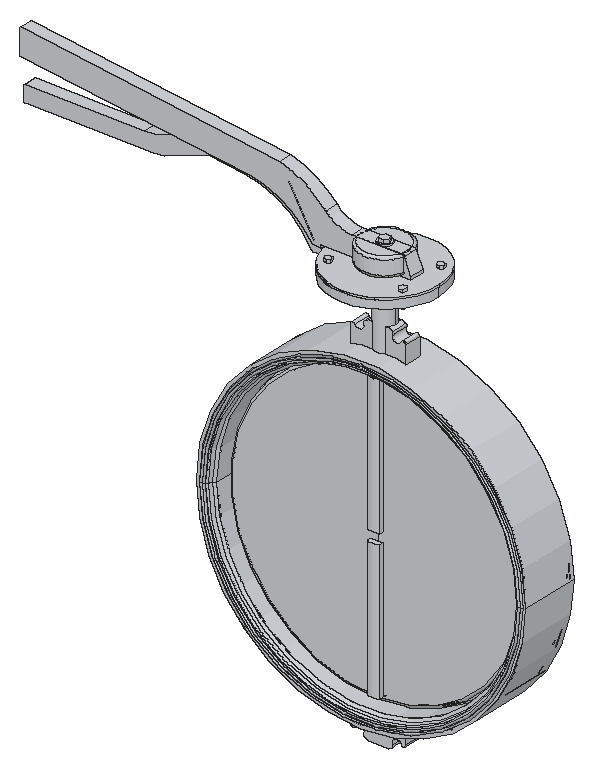
Revit family "R59WY025", category Plumbing Fixtures, Revit 2015
Reference planes
  plane 1 "Center (Front/Back)": y = 0
  plane 2: z = 0
  plane 3 "Center (Left/Right)": x = 0
  plane 4: z = 274
  plane 5: x = -416
  plane 6: z = 376
  plane 7: z = -200
  plane 8: z = -30
  plane 9: z = 304
  plane 10: z = -30
  plane 11: y = -34.488
  plane 12: y = 34.012
  plane 13: x = -28.994
Forms (mm)
  Extrusion 1, solid
    sketch origin (0, 0, 264) x (1, 0, 0) y (0, 1, 0)
      loop
        circle (0, 0) r 62.5
    from 0 to 10
  Extrusion 2, solid
    sketch origin (0, 0, -76.95) x (1, 0, 0) y (0, 1, 0)
      loop
        circle (0, 0) r 12
    from 259.167 to 340.95
  Revolve 3, solid
    sketch origin (0, 0, 0) x (0, 1, 0) y (0, 0, 1)
      loop
        line (-1.078, -174.056) -> (1.078, -174.056) -> (1.078, -173.121)
        arc (1.078, -173.121) -> (1.953, -171.688) -> (3.478, -170.985) r 2.888
        line (3.478, -170.985) -> (6.599, -170.985)
        arc (6.599, -170.985) -> (9.772, -169.243) -> (11.11, -165.88) r 5.351
        line (11.11, -165.88) -> (11.11, 0) -> (-11.11, 0) -> (-11.11, -168.315)
        arc (-11.11, -168.315) -> (-10.328, -170.203) -> (-8.44, -170.985) r 2.67
        line (-8.44, -170.985) -> (-3.478, -170.985)
        arc (-3.478, -170.985) -> (-1.953, -171.688) -> (-1.078, -173.121) r 2.888
        line (-1.078, -173.121) -> (-1.078, -174.056)
      axis (11.11, 0) -> (-11.11, 0)
    angle from 0 to 360
  Blend 4, solid
    base sketch origin (0, 0, -4.163) x (1, 0, 0) y (0, 1, 0)
      loop
        line (-6.883, 16.4) -> (-6.883, -16.4)
        arc (-6.883, -16.4) -> (0, -18.078) -> (6.883, -16.4) r 14.953
        line (6.883, -16.4) -> (6.883, 16.4)
        arc (6.883, 16.4) -> (0, 18.078) -> (-6.883, 16.4) r 14.953
    top sketch origin (0, 0, 0) x (1, 0, 0) y (0, 1, 0)
      loop
        line (-6.883, 16.4) -> (-6.883, -16.4)
        arc (-6.883, -16.4) -> (0, -18.078) -> (6.883, -16.4) r 14.953
        line (6.883, -16.4) -> (6.883, 16.4)
        arc (6.883, 16.4) -> (0, 18.078) -> (-6.883, 16.4) r 14.953
    from 10.163 to 165.579
  Blend 5, solid
    base sketch origin (0, 0, -38.601) x (0, -1, 0) y (1, 0, 0)
      loop
        line (-16.4, -6.883) -> (16.4, -6.883)
        arc (16.4, -6.883) -> (18.078, 0) -> (16.4, 6.883) r 14.953
        line (16.4, 6.883) -> (-16.4, 6.883)
        arc (-16.4, 6.883) -> (-18.078, 0) -> (-16.4, -6.883) r 14.953
    top sketch origin (0, 0, -35.117) x (0, -1, 0) y (1, 0, 0)
      loop
        line (-16.4, -6.883) -> (16.4, -6.883)
        arc (16.4, -6.883) -> (18.078, 0) -> (16.4, 6.883) r 14.953
        line (16.4, 6.883) -> (-16.4, 6.883)
        arc (-16.4, 6.883) -> (-18.078, 0) -> (-16.4, -6.883) r 14.953
    from -127.676 to 29.117
  Extrusion 6, solid
    sketch origin (80.376, -27.447, 276) x (0, -1, 0) y (1, 0, 0)
      loop
        line (3.99, -123.113) -> (0.805, -120.344) -> (-3.184, -121.718) -> (-3.99, -125.86) -> (-0.805, -128.628) -> (3.184, -127.254) -> (3.99, -123.113)
    from 0 to 3
  Extrusion 7, solid
    sketch origin (80.376, -27.447, 256) x (0, -1, 0) y (1, 0, 0)
      loop
        circle (0, -124.486) r 3
    from 2.505 to 20
  Extrusion 8, solid
    sketch origin (80.376, -27.447, 263) x (0, -1, 0) y (1, 0, 0)
      loop
        line (3.99, -123.113) -> (0.805, -120.344) -> (-3.184, -121.718) -> (-3.99, -125.86) -> (-0.805, -128.628) -> (3.184, -127.254) -> (3.99, -123.113)
      loop
        line (-3.444, -125.672) -> (-0.695, -128.061) -> (2.749, -126.876) -> (3.444, -123.301) -> (0.695, -120.911) -> (-2.749, -122.097) -> (-3.444, -125.672)
    from -1.968 to 1
  Extrusion 9, solid, not visible
    sketch origin (26.117, -96.518, 104.233) x (0, -1, 0) y (1, 0, 0)
      loop
        line (3.99, -123.113) -> (0.805, -120.344) -> (-3.184, -121.718) -> (-3.99, -125.86) -> (-0.805, -128.628) -> (3.184, -127.254) -> (3.99, -123.113)
    from 0 to 3
  Extrusion 10, solid, not visible
    sketch origin (26.117, -96.518, 84.233) x (0, -1, 0) y (1, 0, 0)
      loop
        circle (0, -124.486) r 3
    from 2.505 to 20
  Extrusion 11, solid, not visible
    sketch origin (26.117, -96.518, 91.233) x (0, -1, 0) y (1, 0, 0)
      loop
        line (3.99, -123.113) -> (0.805, -120.344) -> (-3.184, -121.718) -> (-3.99, -125.86) -> (-0.805, -128.628) -> (3.184, -127.254) -> (3.99, -123.113)
      loop
        line (-3.444, -125.672) -> (-0.695, -128.061) -> (2.749, -126.876) -> (3.444, -123.301) -> (0.695, -120.911) -> (-2.749, -122.097) -> (-3.444, -125.672)
    from -1.968 to 1
  Extrusion 12, solid
    sketch origin (0, 0, 274) x (1, 0, 0) y (0, 1, 0)
      loop
        circle (0, 0) r 62.5
    from 0 to 2
  Extrusion 13, solid
    sketch origin (80.376, -27.447, 276) x (0, -1, 0) y (1, 0, 0)
      loop
        line (-58.884, -123.113) -> (-58.079, -127.254) -> (-54.09, -128.628) -> (-50.905, -125.86) -> (-51.71, -121.718) -> (-55.7, -120.344) -> (-58.884, -123.113)
    from 0 to 3
  Extrusion 14, solid
    sketch origin (80.376, -27.447, 256) x (0, -1, 0) y (1, 0, 0)
      loop
        circle (-54.895, -124.486) r 3
    from 2.505 to 20
  Extrusion 15, solid
    sketch origin (80.376, -27.447, 263) x (0, -1, 0) y (1, 0, 0)
      loop
        line (-58.884, -123.113) -> (-58.079, -127.254) -> (-54.09, -128.628) -> (-50.905, -125.86) -> (-51.71, -121.718) -> (-55.7, -120.344) -> (-58.884, -123.113)
      loop
        line (-51.451, -125.672) -> (-52.146, -122.097) -> (-55.59, -120.911) -> (-58.339, -123.301) -> (-57.644, -126.876) -> (-54.2, -128.061) -> (-51.451, -125.672)
    from -1.968 to 1
  Extrusion 16, solid
    sketch origin (-81.626, 27.447, 276) x (0, 1, 0) y (-1, 0, 0)
      loop
        line (-58.884, -123.113) -> (-58.079, -127.254) -> (-54.09, -128.628) -> (-50.905, -125.86) -> (-51.71, -121.718) -> (-55.7, -120.344) -> (-58.884, -123.113)
    from 0 to 3
  Extrusion 17, solid
    sketch origin (-81.626, 27.447, 256) x (0, 1, 0) y (-1, 0, 0)
      loop
        circle (-54.895, -124.486) r 3
    from 2.505 to 20
  Extrusion 18, solid
    sketch origin (-81.626, 27.447, 263) x (0, 1, 0) y (-1, 0, 0)
      loop
        line (-58.884, -123.113) -> (-58.079, -127.254) -> (-54.09, -128.628) -> (-50.905, -125.86) -> (-51.71, -121.718) -> (-55.7, -120.344) -> (-58.884, -123.113)
      loop
        line (-51.451, -125.672) -> (-52.146, -122.097) -> (-55.59, -120.911) -> (-58.339, -123.301) -> (-57.644, -126.876) -> (-54.2, -128.061) -> (-51.451, -125.672)
    from -1.968 to 1
  Extrusion 19, solid
    sketch origin (-81.626, 27.447, 276) x (0, 1, 0) y (-1, 0, 0)
      loop
        line (3.99, -123.113) -> (0.805, -120.344) -> (-3.184, -121.718) -> (-3.99, -125.86) -> (-0.805, -128.628) -> (3.184, -127.254) -> (3.99, -123.113)
    from 0 to 3
  Extrusion 20, solid
    sketch origin (-81.626, 27.447, 256) x (0, 1, 0) y (-1, 0, 0)
      loop
        circle (0, -124.486) r 3
    from 2.505 to 20
  Extrusion 21, solid
    sketch origin (-81.626, 27.447, 263) x (0, 1, 0) y (-1, 0, 0)
      loop
        line (3.99, -123.113) -> (0.805, -120.344) -> (-3.184, -121.718) -> (-3.99, -125.86) -> (-0.805, -128.628) -> (3.184, -127.254) -> (3.99, -123.113)
      loop
        line (-3.444, -125.672) -> (-0.695, -128.061) -> (2.749, -126.876) -> (3.444, -123.301) -> (0.695, -120.911) -> (-2.749, -122.097) -> (-3.444, -125.672)
    from -1.968 to 1
  Extrusion 22, solid
    sketch origin (125.063, -27.447, 301.144) x (0, -1, 0) y (1, 0, 0)
      loop
        line (-32.638, -122.069) -> (-32.638, -128.062) -> (-27.447, -131.059) -> (-22.257, -128.062) -> (-22.257, -122.069) -> (-27.447, -119.072) -> (-32.638, -122.069)
    from -1.014 to 2.856
  Extrusion 23, solid
    sketch origin (124.477, -54.895, 296.2) x (0, -1, 0) y (1, 0, 0)
      loop
        circle (-54.895, -124.486) r 8
    from -22.2 to 3.931
  Sweep 24, solid
    path origin (0, 0, 0) x (1, 0, 0) y (0, 0, 1)
      loop
        circle (0, 0) r 191
    profile origin (0, 0, -191) x (0, 0, 1) y (0, -1, 0)
      loop
        line (16.683, -24.571) -> (16.683, 25.134) -> (13.454, 28.363) -> (12.517, 31.861) -> (10.888, 34.203) -> (9.28, 34.203)
        arc (9.28, 34.203) -> (8.267, 35.216) -> (7.253, 34.203) r 1.014
        line (7.253, 34.203) -> (5.98, 34.203)
        arc (5.98, 34.203) -> (4.966, 35.216) -> (3.952, 34.203) r 1.014
        line (3.952, 34.203) -> (0.625, 34.203) -> (0.625, -33.64) -> (3.952, -33.64)
        arc (3.952, -33.64) -> (4.966, -34.653) -> (5.98, -33.64) r 1.014
        line (5.98, -33.64) -> (7.253, -33.64)
        arc (7.253, -33.64) -> (8.267, -34.653) -> (9.28, -33.64) r 1.014
        line (9.28, -33.64) -> (10.888, -33.64) -> (12.517, -31.298) -> (13.454, -27.8) -> (16.683, -24.571)
  Revolve 25, solid
    sketch origin (0, 0, 134) x (1, 0, 0) y (0, 0, 1)
      loop
        line (-26.486, 143.746) -> (0, 143.746) -> (0, 165) -> (-26.486, 165)
        arc (-26.486, 165) -> (-28.259, 164.265) -> (-28.994, 162.492) r 2.508
        line (-28.994, 162.492) -> (-28.994, 146.254)
        arc (-28.994, 146.254) -> (-28.259, 144.481) -> (-26.486, 143.746) r 2.508
      axis (0, 143.746) -> (0, 165)
    angle from 0 to 360
  Sweep 26, solid
    path origin (-0.002, 0, 0) x (1, 0, 0) y (0, 0, 1)
      loop
        circle (0, 0) r 191
    profile origin (-0.002, 0, -191) x (0, 0, 1) y (0, -1, 0)
      loop
        line (0, 34.488) -> (0, -34.012) -> (3.915, -34.012) -> (3.915, 34.488) -> (0, 34.488)
  Extrusion 27, solid
    sketch origin (17.008, 45.948, -6.573) x (1, 0, 0) y (0, 0, 1)
      loop
        arc (-48.783, 305.653) -> (-65.384, 309.25) -> (-79.007, 319.397) r 40.102
        arc (-79.007, 319.397) -> (-103.285, 339.64) -> (-132.665, 351.301) r 100.074
        line (-132.665, 351.301) -> (-432.33, 385.994)
        arc (-432.33, 385.994) -> (-432.804, 385.844) -> (-433.008, 385.39) r 0.608
        line (-433.008, 385.39) -> (-433.008, 356.181) -> (-167.596, 325.454)
        arc (-167.596, 325.454) -> (-125.893, 310.838) -> (-94.664, 279.573) r 99.286
        line (-94.664, 279.573) -> (-84.664, 279.573) -> (-84.664, 282.573) -> (19.968, 282.573) -> (19.968, 285.573) -> (12.223, 303.82)
        arc (12.223, 303.82) -> (11.078, 305.154) -> (9.392, 305.653) r 3.103
        line (9.392, 305.653) -> (-48.783, 305.653)
    from 37.966 to 54.11
  Extrusion 28, solid
    sketch origin (-95.775, 45.948, -61.087) x (1, 0, 0) y (0, 0, 1)
      loop
        line (-177.106, 382.301) -> (-314.714, 382.301)
        arc (-314.714, 382.301) -> (-315.986, 381.806) -> (-316.641, 380.609) r 1.995
        line (-316.641, 380.609) -> (-316.641, 365.458)
        arc (-316.641, 365.458) -> (-315.986, 364.261) -> (-314.714, 363.766) r 1.995
        line (-314.714, 363.766) -> (-165.969, 363.766)
        arc (-165.969, 363.766) -> (-159.476, 364.161) -> (-153.041, 365.112) r 75.785
        line (-153.041, 365.112) -> (-102.034, 383.677) -> (-60.442, 378.862)
        arc (-60.442, 378.862) -> (-16.505, 362.956) -> (15.663, 329.062) r 101.578
        arc (15.663, 329.062) -> (17.206, 327.09) -> (19.597, 326.344) r 4.207
        line (19.597, 326.344) -> (28.119, 326.344) -> (28.119, 337.087) -> (23.361, 337.087)
        arc (23.361, 337.087) -> (21.253, 337.654) -> (19.712, 339.201) r 4.207
        line (19.712, 339.201) -> (-9.321, 389.817)
        arc (-9.321, 389.817) -> (-17.422, 397.083) -> (-27.819, 400.293) r 25.399
        line (-27.819, 400.293) -> (-121.464, 408.132)
        arc (-121.464, 408.132) -> (-146.554, 389.335) -> (-177.106, 382.301) r 75.785
    from 38.356 to 53.486
  Extrusion 29, solid
    sketch origin (-2.562, 0.293, 136.277) x (1, 0, 0) y (0, 0, 1)
      loop
        arc (18.871, 79.288) -> (16.77, 80.589) -> (14.565, 81.703) r 28.535
        line (14.565, 81.703) -> (-8.94, 81.703)
        arc (-8.94, 81.703) -> (-11.147, 80.588) -> (-13.249, 79.287) r 28.535
        arc (-13.249, 79.287) -> (-14.145, 78.006) -> (-14.03, 76.455) r 2.274
        arc (-14.03, 76.455) -> (-16.841, 69.087) -> (-24.079, 72.217) r 5.458
        arc (-24.079, 72.217) -> (-26.836, 73.974) -> (-28.974, 71.501) r 2.5
        line (-28.974, 71.501) -> (-28.974, 50.421)
        arc (-28.974, 50.421) -> (2.813, 53.196) -> (34.596, 50.384) r 182.243
        line (34.596, 50.384) -> (34.596, 71.501)
        arc (34.596, 71.501) -> (32.458, 73.974) -> (29.701, 72.217) r 2.5
        arc (29.701, 72.217) -> (22.463, 69.087) -> (19.652, 76.455) r 5.458
        arc (19.652, 76.455) -> (19.767, 78.006) -> (18.871, 79.288) r 2.274
    from -9.388 to 9.974
  Extrusion 30, solid
    sketch origin (-2.562, 0.293, -136.59) x (1, 0, 0) y (0, 0, 1)
      loop
        arc (18.871, -79.288) -> (19.767, -78.006) -> (19.652, -76.455) r 2.274
        arc (19.652, -76.455) -> (22.463, -69.087) -> (29.701, -72.217) r 5.458
        arc (29.701, -72.217) -> (32.458, -73.974) -> (34.596, -71.501) r 2.5
        line (34.596, -71.501) -> (34.596, -50.384)
        arc (34.596, -50.384) -> (2.813, -53.196) -> (-28.974, -50.421) r 182.243
        line (-28.974, -50.421) -> (-28.974, -71.501)
        arc (-28.974, -71.501) -> (-26.836, -73.974) -> (-24.079, -72.217) r 2.5
        arc (-24.079, -72.217) -> (-16.841, -69.087) -> (-14.03, -76.455) r 5.458
        arc (-14.03, -76.455) -> (-14.145, -78.006) -> (-13.249, -79.287) r 2.274
        arc (-13.249, -79.287) -> (-11.147, -80.588) -> (-8.94, -81.703) r 28.535
        line (-8.94, -81.703) -> (14.565, -81.703)
        arc (14.565, -81.703) -> (16.77, -80.589) -> (18.871, -79.288) r 28.535
    from -9.388 to 9.974
Dimensions and locks
  plane 2 to plane 4 = 274 mm
  locked: plane 3 "Center (Left/Right)" to plane 5 at 416
  locked: level to plane 6 at 376
  plane 7 to level = 200 mm
  locked: plane 4 to plane 9 at 30
  plane 12 to plane 11 = 68.5 mm
  aligned and locked: level to plane 2
